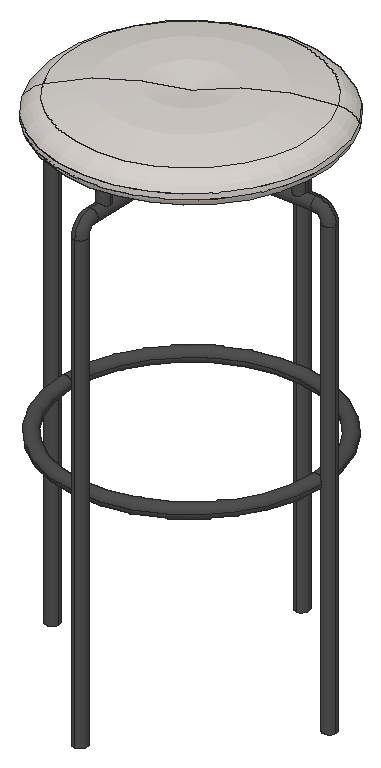
Revit family "Circular_Stools_BIM", category Arredi, Revit 2023
Family settings
  Numero OmniClass = 23.40.20.00
  Titolo OmniClass = General Furniture and Specialties
  Basato su piano di lavoro = No
  Attiva taglio nelle viste = No
  Sempre verticale = Sì
  Taglio con vuoti quando caricato = No
  Origine composizione di rendering = Geometria famiglia
  Condiviso = No
  Punto di calcolo locali = No
Parameters (values of type "CB-263")
  height leg = HEIGHT - 60 mm  # 744 mm
  WEIGHT = 0.00 kg
  URL = "https://bassamfellows.com/"
  TECHNICAL SHEET = "https://bassamfellows.com/entry.cfm?id=85"
  STRUCTURE MATERIAL = BASSAM_FELLOWS_MATT_BLACK_BP
  SEAT 40 cm VISIBILITY = yes
  PRODUCT SHEET = "https://www.archiproducts.com/en/products/bassamfellows/upholstered-bar-stool-with-steel-base-circular-bar-stool_446397"
  PRODUCT CODE = "CB-263"
  Modello = "Circular Bar Stool"
  Produttore = "BassamFellows"
  MATERIAL DESCRIPTION = "Tubular stainless steel base. Foam upholstery with double topstitch. CARB2 plywood inner frame."  # constant formula
  HEIGHT = 804 mm
  Descrizione = "Upholstered bar stool with steel base"
  Prospetto di default = 0 mm
  DIAMETER = 400 mm
  COLLECTION = "CIRCULAR"  # constant formula
  CB-263 VISIBILITY = yes
  CB-262 VISIBILITY = no
  CB-260 VISIBILITY = no
  BIM USER MANUAL = "https://bimcad.edilportale.com/BASSAMFELLOWS-BIM-USER-MANUAL-BassamFellows-bim.pdf"
  BIM BADGE = "https://bim.archiproducts.com/it/badge/bim-archiproducts-featured_658700/about"
  BIM AUTHOR = "https://bim.archiproducts.com/"
  BASE MATERIAL = BASSAM_FELLOWS_COACH_LEATHER_11073_PLAEGRAY
  AVAILABLE FINISHES = "Black powder coat finish (BP), or satin nickel (SN), satin brass (SB), bronze (BZ) or gunmetal (GM) nanoceramic coated tubular steel."  # constant formula
  ACCESSORIES = ""
Types (3, lengths in mm): name | height leg | SEAT 40 cm VISIBILITY | PRODUCT SHEET | PRODUCT CODE | Modello | HEIGHT | Descrizione | DIAMETER | CB-263 VISIBILITY | CB-262 VISIBILITY | CB-260 VISIBILITY
  CB-260 | 400 | no | "https://www.archiproducts.com/en/products/bassamfellows/upholstered-stool-with-steel-base-circular-stool_446395" | "CB-260" | "Circular Stool" | 460 | "Upholstered stool with steel base" | 450 | no | no | yes
  CB-262 | 590 | yes | "https://www.archiproducts.com/en/products/bassamfellows/upholstered-counter-stool-with-steel-base-circular-counter-stool_446396" | "CB-262" | "Circular Counter Stool" | 650 | "Upholstered counter stool with steel base" | 400 | no | yes | no
  CB-263 | 744 | yes | "https://www.archiproducts.com/en/products/bassamfellows/upholstered-bar-stool-with-steel-base-circular-bar-stool_446397" | "CB-263" | "Circular Bar Stool" | 804 | "Upholstered bar stool with steel base" | 400 | yes | no | no
Reference planes
  plane 1 "Center (Front/Back)": y = 0
  plane 2: z = 0
  plane 3 "Center (Left/Right)": x = 0
  plane 4: z = 0
  plane 5: z = 804
  plane 6: z = 744
Forms (mm)
  Revolve 1, solid, material "BASSAM_FELLOWS_COACH_LEATHER_11073_PLAEGRAY" <- "BASE MATERIAL", visible <- "CB-260 VISIBILITY", detail levels fine
    sketch origin (-4.442, -1.19, 0) x (0.866025, 0.5, 0) y (0, 0, 1)
      loop
        arc (0, 800.501) -> (-93.821, 807.806) -> (-187.76, 802.206) r 686.228
        arc (-187.76, 802.206) -> (-209.504, 796.348) -> (-224.847, 779.864) r 40.883
        line (-224.847, 779.864) -> (-224.847, 771.815)
        arc (-224.847, 771.815) -> (-214.595, 758.956) -> (-198.879, 754.108) r 27.895
        line (-198.879, 754.108) -> (0, 754.108) -> (0, 800.501)
      axis (0, 802.206) -> (0, 754.108)
    angle from 0 to 360
  Extrusion 2, solid, material "BASSAM_FELLOWS_MATT_BLACK_BP" <- "STRUCTURE MATERIAL", visible <- "CB-260 VISIBILITY", detail levels fine
    sketch origin (-4.442, -1.19, 0) x (0.866025, 0.5, 0) y (-0.5, 0.866025, 0)
      loop
        circle (-143.827, 83.005) r 9.5
      loop
        circle (146.42, 80.098) r 9.5
      loop
        circle (3.789, -165.788) r 9.5
    from 377.626 to 410.097
  Sweep 3, solid, material "BASSAM_FELLOWS_MATT_BLACK_BP" <- "STRUCTURE MATERIAL", visible <- "CB-260 VISIBILITY", detail levels fine
    path origin (0, 0, 0) x (1, 0, 0) y (0, 0, 1)
      loop
        line (0, 709) -> (-217.442, 709)
        arc (-217.442, 709) -> (-224.513, 706.071) -> (-227.442, 699) r 10
        line (-227.442, 699) -> (-227.442, 0)
    profile origin (-108.721, 0, 709) x (0, 0, -1) y (0, -1, 0)
      loop
        circle (-10, 1.23) r 10
  Sweep 4, solid, material "BASSAM_FELLOWS_MATT_BLACK_BP" <- "STRUCTURE MATERIAL", visible <- "CB-260 VISIBILITY", detail levels fine
    path origin (1.066, -1.846, 0) x (-0.5, -0.866025, 0) y (0, 0, 1)
      loop
        line (0, 709) -> (-217.442, 709)
        arc (-217.442, 709) -> (-224.513, 706.071) -> (-227.442, 699) r 10
        line (-227.442, 699) -> (-227.442, 0)
    profile origin (55.426, 92.309, 709) x (0, 0, -1) y (-0.866025, 0.5, 0)
      loop
        circle (-10, 1.23) r 10
  Sweep 5, solid, material "BASSAM_FELLOWS_MATT_BLACK_BP" <- "STRUCTURE MATERIAL", visible <- "CB-260 VISIBILITY", detail levels fine
    path origin (-1.066, -1.846, 0) x (-0.5, 0.866025, 0) y (0, 0, 1)
      loop
        line (0, 709) -> (-217.442, 709)
        arc (-217.442, 709) -> (-224.513, 706.071) -> (-227.442, 699) r 10
        line (-227.442, 699) -> (-227.442, 0)
    profile origin (53.295, -96.001, 709) x (0, 0, -1) y (0.866025, 0.5, 0)
      loop
        circle (-10, 1.23) r 10
  Extrusion 6, solid, detail levels medium
    sketch origin (0, 0, 0) x (1, 0, 0) y (0, 1, 0)
      loop
        circle (-5, 0) r 225
    from 744 to 804
  Extrusion 7, solid, detail levels medium
    sketch origin (0, 0, 0) x (1, 0, 0) y (0, 1, 0)
      loop
        circle (-5, 0) r 200
    from 0 to 744
Cuts and joins
  joined: Extrusion 2, Sweep 3, Sweep 4, Sweep 5
Lines and regions (mm)
  symbolic lines, detail levels coarse
    curve 1: circle (-5, 0, 0) r 225 normal (0, 0, 1)
    curve 2: line (-229.831, 8.723, 0) -> (-237.451, 8.723, 0)
    curve 3: line (-237.451, -11.23, 0) -> (-229.72, -11.23, 0)
    curve 4: arc (-237.451, 8.723, 0) -> (-247.428, -1.254, 0) -> (-237.451, -11.23, 0) r 9.977
    curve 5: line (117.056, 189.265, 0) -> (120.866, 195.864, 0)
    curve 6: line (103.586, 205.841, 0) -> (99.72, 199.145, 0)
    curve 7: arc (120.866, 195.864, 0) -> (117.215, 209.492, 0) -> (103.586, 205.841, 0) r 9.977
    curve 8: line (103.796, -196.948, 0) -> (107.607, -203.547, 0)
    curve 9: line (124.887, -193.57, 0) -> (121.021, -186.875, 0)
    curve 10: arc (107.607, -203.547, 0) -> (121.235, -207.199, 0) -> (124.887, -193.57, 0) r 9.977
  symbolic lines, visible <- "CB-262 VISIBILITY", detail levels coarse
    curve 11: line (0, 8.28, 0) -> (0, -10.782, 0)
  symbolic lines, visible <- "CB-260 VISIBILITY", detail levels coarse
    curve 12: line (-105.479, 0, 470.985) -> (0, 0, 470.985)
    curve 13: line (0, 0, 410.047) -> (-200, 0, 410.047)
    curve 14: line (-229.289, 0, 427.815) -> (-229.289, 0, 435.864)
    curve 15: arc (-229.289, 0, 435.864) -> (-220.126, 0, 448.187) -> (-206.648, 0, 455.545) r 35.854
    curve 16: arc (-206.648, 0, 455.545) -> (-156.576, 0, 466.621) -> (-105.479, 0, 470.985) r 387.329
    curve 17: arc (-200, 0, 410.047) -> (-217.129, 0, 414.837) -> (-229.289, 0, 427.815) r 33.025
    curve 18: line (-179.979, 0, 410.047) -> (-179.979, 0, 383.806)
    curve 19: line (-161.082, 0, 410.047) -> (-161.082, 0, 385.097)
    curve 20: line (72.234, 0, 410.047) -> (72.234, 0, 385.097)
    curve 21: line (91.813, 0, 410.047) -> (91.813, 0, 385.097)
    curve 22: line (-217.442, 0, 385.097) -> (103.721, 0, 385.097)
    curve 23: line (-217.442, 0, 365.097) -> (101.22, 0, 365.097)
    curve 24: line (-227.442, 0, 0) -> (-227.442, 0, 355.097)
    curve 25: line (-227.442, 0, 0) -> (-247.442, 0, 0)
    curve 26: line (-247.442, 0, 0) -> (-247.442, 0, 355.097)
    curve 27: line (108.721, 0, 0) -> (128.721, 0, 0)
    curve 28: line (128.721, 0, 0) -> (128.721, 0, 360.097)
    curve 29: line (108.721, 0, 0) -> (108.721, 0, 357.596)
    curve 30: line (100.479, 0, 470.985) -> (0, 0, 470.985)
    curve 31: line (0, 0, 410.047) -> (195, 0, 410.047)
    curve 32: line (224.289, 0, 427.815) -> (224.289, 0, 435.864)
    curve 33: arc (224.289, 0, 435.864) -> (215.126, 0, 448.187) -> (201.648, 0, 455.545) r 35.854
    curve 34: arc (201.648, 0, 455.545) -> (151.576, 0, 466.621) -> (100.479, 0, 470.985) r 387.329
    curve 35: arc (195, 0, 410.047) -> (212.129, 0, 414.837) -> (224.289, 0, 427.815) r 33.025
    curve 36: arc (-227.442, 0, 355.097) -> (-224.513, 0, 362.168) -> (-217.442, 0, 365.097) r 10
    curve 37: arc (-247.442, 0, 355.097) -> (-238.655, 0, 376.31) -> (-217.442, 0, 385.097) r 30
    curve 38: arc (101.22, 0, 365.097) -> (106.524, 0, 362.9) -> (108.721, 0, 357.596) r 7.501
    curve 39: arc (103.721, 0, 385.097) -> (121.399, 0, 377.774) -> (128.721, 0, 360.097) r 25
Dimensions and locks
  "HEIGHT": plane 5 to level
  locked: plane 5 to plane 6 at 60
  aligned and locked: level to plane 2
  aligned and locked: plane 5 to Extrusion 6
  aligned and locked: Extrusion 6 to plane 6
  aligned and locked: Extrusion 7 to Extrusion 6
  aligned and locked: nested 2 to nested 1
Automatic sketch dimensions
  plane 1 "Center (Front/Back)" to curve 1 = 0 mm
  plane 1 "Center (Front/Back)" to curve 4 = 1.254 mm
  curve 4 to plane 3 "Center (Left/Right)" = 237.451 mm
  curve 1 to plane 3 "Center (Left/Right)" = 5 mm
  plane 3 "Center (Left/Right)" to curve 6 = 103.586 mm
  plane 3 "Center (Left/Right)" to curve 8 = 107.607 mm
  curve 6 to curve 7 = 8.64 mm
  curve 8 to curve 10 = 8.64 mm
  curve 7 to curve 5 = 8.64 mm
  curve 10 to curve 9 = 8.64 mm
  curve 3 to curve 4 = 9.977 mm
  plane 1 "Center (Front/Back)" to curve 9 = 193.57 mm
  curve 10 to curve 9 = 4.988 mm
  curve 5 to plane 1 "Center (Front/Back)" = 195.864 mm
  curve 5 to curve 7 = 4.988 mm
  curve 2 to curve 2 = 7.62 mm
  curve 6 to curve 6 = 3.866 mm
  curve 8 to curve 8 = 3.81 mm
  curve 5 to curve 7 = 3.81 mm
  curve 9 to curve 9 = 3.866 mm
  curve 9 to curve 9 = 6.696 mm
  curve 5 to curve 7 = 6.6 mm
  plane 1 "Center (Front/Back)" to Extrusion 2 sketch curve = 1.22 mm
  Extrusion 2 sketch curve to plane 3 "Center (Left/Right)" = 170.502 mm
  Extrusion 2 sketch curve to Extrusion 2 sketch curve = 147.616 mm
  Extrusion 2 sketch curve to Extrusion 2 sketch curve = 142.631 mm
  Extrusion 2 sketch curve to Extrusion 2 sketch curve = 2.907 mm
  Extrusion 2 sketch curve to Extrusion 2 sketch curve = 245.886 mm
  plane 1 "Center (Front/Back)" to Extrusion 6 sketch curve = 0 mm
  Extrusion 6 sketch curve to plane 3 "Center (Left/Right)" = 5 mm
  Extrusion 7 sketch curve to Extrusion 7 sketch curve = 0 mm  (x2)
  plane 1 "Center (Front/Back)" to Extrusion 7 sketch curve = 0 mm
  Extrusion 7 sketch curve to plane 3 "Center (Left/Right)" = 5 mm
  Extrusion 7 sketch curve to Extrusion 7 sketch curve = 200 mm
  curve 36 to curve 37 = 0 mm  (x2)
  curve 25 to level = 0 mm
  curve 30 to plane 3 "Center (Left/Right)" = 0 mm
  curve 31 to plane 3 "Center (Left/Right)" = 0 mm
  curve 27 to level = 0 mm
  curve 16 to plane 3 "Center (Left/Right)" = 98.142 mm
  curve 12 to curve 12 = 105.479 mm
  curve 15 to curve 16 = 91.125 mm
  curve 13 to curve 15 = 3.396 mm
  curve 22 to curve 13 = 17.442 mm
  curve 24 to curve 36 = 10 mm
  curve 14 to curve 17 = 29.289 mm
  curve 26 to curve 24 = 20 mm
  plane 3 "Center (Left/Right)" to curve 34 = 93.142 mm
  plane 3 "Center (Left/Right)" to curve 30 = 100.479 mm
  plane 3 "Center (Left/Right)" to curve 38 = 101.22 mm
  curve 38 to curve 39 = 2.501 mm
  curve 34 to curve 27 = 15.579 mm
  curve 27 to curve 27 = 20 mm
  curve 39 to curve 33 = 62.883 mm
  curve 33 to curve 31 = 3.396 mm
  curve 35 to curve 32 = 29.289 mm
  level to curve 16 = 83.726 mm
  level to curve 34 = 83.726 mm
  curve 16 to curve 24 = 271.371 mm
  curve 39 to curve 31 = 49.951 mm
  curve 35 to curve 33 = 11.08 mm
  curve 17 to curve 15 = 11.08 mm
  curve 15 to curve 14 = 6.688 mm
  curve 33 to curve 32 = 6.688 mm
  curve 32 to curve 32 = 8.049 mm
  curve 14 to curve 14 = 8.049 mm
  curve 21 to curve 30 = 60.937 mm
  curve 17 to curve 19 = 38.918 mm
  curve 18 to curve 19 = 18.896 mm
  curve 20 to curve 22 = 31.487 mm
  curve 20 to curve 21 = 19.579 mm
  curve 18 to curve 19 = 1.291 mm
  plane 6 to Revolve 1 sketch curve = 27.815 mm
  plane 6 to Revolve 1 sketch curve = 10.108 mm
  Revolve 1 sketch curve to Revolve 1 sketch curve = 25.968 mm
  Revolve 1 sketch curve to Revolve 1 sketch curve = 10.472 mm
  level to Revolve 1 sketch curve = 121.606 mm
  Revolve 1 sketch curve to Revolve 1 sketch curve = 98.824 mm
  Revolve 1 sketch curve to Revolve 1 sketch curve = 188.408 mm
  Revolve 1 sketch curve to Revolve 1 sketch curve = 7.221 mm
  Revolve 1 sketch curve to Revolve 1 sketch curve = 8.049 mm
  Revolve 1 sketch curve to plane 5 = 3.499 mm
  Revolve 1 sketch curve to Revolve 1 sketch curve = 0 mm
  Revolve 1 sketch curve to level = 440.494 mm
  plane 5 to Revolve 1 sketch curve = 1537.414 mm
  Sweep 3 sketch curve to level = 0 mm
  Sweep 3 sketch curve to plane 3 "Center (Left/Right)" = 0 mm
  Sweep 3 sketch curve to plane 6 = 35 mm
  Sweep 3 sketch curve to plane 3 "Center (Left/Right)" = 217.442 mm
  Sweep 3 sketch curve to Sweep 3 sketch curve = 10 mm
  plane 1 "Center (Front/Back)" to Sweep 3 sketch curve = 1.23 mm
  profile plane to Sweep 3 sketch curve = 10 mm
  level to Sweep 4 sketch curve = 0 mm
  Sweep 4 sketch curve to plane 6 = 45 mm
  Sweep 4 sketch curve to Sweep 4 sketch curve = 10 mm
  Sweep 4 sketch curve to Sweep 4 sketch curve = 217.442 mm
  profile plane to Sweep 4 sketch curve = 1.23 mm
  profile plane to Sweep 4 sketch curve = 10 mm
  level to Sweep 5 sketch curve = 0 mm
  Sweep 5 sketch curve to plane 6 = 45 mm
  Sweep 5 sketch curve to Sweep 5 sketch curve = 10 mm
  Sweep 5 sketch curve to Sweep 5 sketch curve = 217.442 mm
  profile plane to Sweep 5 sketch curve = 1.23 mm
  profile plane to Sweep 5 sketch curve = 10 mm
  curve 11 to level = 0 mm
  plane 1 "Center (Front/Back)" to curve 11 = 10.782 mm
  curve 11 to plane 1 "Center (Front/Back)" = 8.28 mm
  radius of Extrusion 2 sketch curve = 9.5 mm  (x3)
  radius of Extrusion 6 sketch curve = 225 mm
  radius of Sweep 3 sketch curve = 10 mm
  radius of Sweep 4 sketch curve = 10 mm
  radius of Sweep 5 sketch curve = 10 mm
Nested families
  nested 1: "CIRCULAR_STOOL_SEAT" at (0, 0, 744), visible <- "SEAT 40 cm VISIBILITY", type "CIRCULAR_STOOL_SEAT"
  nested 2: "CIRCULAR_STOOL_LEG" at (0, 0, 0), visible <- "CB-262 VISIBILITY", type "CIRCULAR_STOOL_LEG", detail levels fine
    with Hight leh 744 mm
  nested 3: "CIRCULAR_STOOL_LEG623" at (0, 0, 0), visible <- "CB-263 VISIBILITY", type "CIRCULAR_STOOL_LEG623", detail levels fine
Definition of nested family "CIRCULAR_STOOL_SEAT"
  Parameters (values of type "CIRCULAR_STOOL_SEAT")
    material = none
    Default Elevation = 0 mm
    CB-260 VISIBILITY = yes
  Reference planes
    plane 1 "Centro (Fronte/Retro)": y = 0
    plane 2: z = 0
    plane 3 "Centro (Sinistra/Destra)": x = 0
    plane 4: z = 0
    plane 5: z = 60
  Forms (mm)
    Revolve 1, solid, material <- "material", visible <- "CB-260 VISIBILITY", detail levels fine
      sketch origin (0.532, -1.173, -740.027) x (0.866025, 0.5, 0) y (0, 0, 1)
        loop
          arc (0, 792.334) -> (-89.188, 800.853) -> (-177.611, 786.42) r 349.521
          arc (-177.611, 786.42) -> (-192.098, 778.64) -> (-202.347, 765.783) r 40.883
          line (-202.347, 765.783) -> (-202.347, 757.734)
          arc (-202.347, 757.734) -> (-192.095, 744.875) -> (-176.379, 740.027) r 27.895
          line (-176.379, 740.027) -> (0, 740.027) -> (0, 792.334)
        axis (0, 792.334) -> (0, 740.027)
      angle from 0 to 360
    Extrusion 2, solid, detail levels medium
      sketch origin (0, 0, 0) x (1, 0, 0) y (0, 1, 0)
        loop
          circle (0, 0) r 201.813
      from -10.201 to 60
  Lines and regions (mm)
    symbolic lines, detail levels coarse
      curve 1: line (0, 0, 0) -> (-176.379, 0, 0)
      curve 2: line (-202.347, 0, 25.756) -> (-202.347, 0, 17.707)
      curve 3: arc (0, 0, 52.307) -> (-89.188, 0, 60.826) -> (-177.611, 0, 46.393) r 349.521
      curve 4: arc (-177.611, 0, 46.393) -> (-192.098, 0, 38.614) -> (-202.347, 0, 25.756) r 40.883
      curve 5: arc (-176.379, 0, 0) -> (-192.095, 0, 4.848) -> (-202.347, 0, 17.707) r 27.895
      curve 6: circle (0, 0, 0) r 201.813 normal (0, 0, 1)
      curve 7: line (0, 0, 0) -> (176.379, 0, 0)
      curve 8: line (202.347, 0, 25.756) -> (202.347, 0, 17.707)
      curve 9: arc (0, 0, 52.307) -> (89.188, 0, 60.826) -> (177.611, 0, 46.393) r 349.521
      curve 10: arc (177.611, 0, 46.393) -> (192.098, 0, 38.614) -> (202.347, 0, 25.756) r 40.883
      curve 11: arc (176.379, 0, 0) -> (192.095, 0, 4.848) -> (202.347, 0, 17.707) r 27.895
  Dimensions and locks
    locked: plane 5 to plane 4 at 60
    aligned and locked: level to plane 2
    aligned and locked: Extrusion 2 to plane 5
Definition of nested family "CIRCULAR_STOOL_LEG"
  Parameters (values of type "CIRCULAR_STOOL_LEG")
    material = none
    Hight leh = 590 mm
    Default Elevation = 0 mm
  Reference planes
    plane 1 "Centro (Fronte/Retro)": y = 0
    plane 2: z = 0
    plane 3 "Centro (Sinistra/Destra)": x = 0
    plane 4: z = 590
    plane 5: z = 544.973
    plane 6: z = 545
    plane 7: z = 561.25
  Forms (mm)
    Sweep 1, solid, material <- "material", detail levels fine
      path origin (0, 0, 0) x (1, 0, 0) y (0, 0, 1)
        loop
          line (-200, 0) -> (-200, 534.973)
          arc (-200, 534.973) -> (-197.071, 542.044) -> (-190, 544.973) r 10
          line (-190, 544.973) -> (190, 544.973)
          arc (190, 544.973) -> (197.071, 542.044) -> (200, 534.973) r 10
          line (200, 534.973) -> (200, 0)
      profile origin (0, 0, 544.973) x (0, 0, 1) y (0, -1, 0)
        loop
          circle (10.002, 0) r 10
    Sweep 2, solid, material <- "material", detail levels fine
      path origin (0, 0, 0) x (0, -1, 0) y (0, 0, 1)
        loop
          line (-200, 0) -> (-200, 535)
          arc (-200, 535) -> (-197.071, 542.071) -> (-190, 545) r 10
          line (-190, 545) -> (190, 545)
          arc (190, 545) -> (197.071, 542.071) -> (200, 535) r 10
          line (200, 535) -> (200, 0)
      profile origin (0, 0, 545) x (0, 0, 1) y (-1, 0, 0)
        loop
          circle (10.002, 0) r 10
    Sweep 3, solid, material <- "material", detail levels fine
      path origin (0, 0, -150.825) x (1, 0, 0) y (0, 1, 0)
        loop
          circle (0, 0) r 200.002
      profile origin (0, 200.002, -150.825) x (0, -1, 0) y (0, 0, 1)
        loop
          circle (10.001, 342.656) r 10
    Extrusion 4, solid, material <- "material", detail levels fine
      sketch origin (0, 0, 0) x (1, 0, 0) y (0, 1, 0)
        loop
          circle (0, 164.967) r 9.5
        loop
          circle (0, -164.967) r 9.5
        loop
          circle (-164.967, 0) r 9.5
        loop
          circle (164.967, 0) r 9.5
      from 561.25 to 590
  Lines and regions (mm)
    symbolic lines, detail levels coarse
      curve 1: line (0, 0, 545.002) -> (-190.002, 0, 545.002)
      curve 2: line (-200.002, 0, 0) -> (-220.002, 0, 0)
      curve 3: line (-220.002, 0, 0) -> (-220.002, 0, 534.973)
      curve 4: line (-200.002, 0, 0) -> (-200.002, 0, 535.002)
      curve 5: arc (-190.002, 0, 545.002) -> (-197.073, 0, 542.073) -> (-200.002, 0, 535.002) r 10
      curve 6: line (-190.002, 0, 564.973) -> (0.255, 0, 564.973)
      curve 7: arc (-220.002, 0, 534.973) -> (-211.215, 0, 556.187) -> (-190.002, 0, 564.973) r 30
      curve 8: line (0, 0, 545.002) -> (190.002, 0, 545.002)
      curve 9: line (200.002, 0, 0) -> (220.002, 0, 0)
      curve 10: line (220.002, 0, 0) -> (220.002, 0, 534.973)
      curve 11: line (200.002, 0, 0) -> (200.002, 0, 535.002)
      curve 12: arc (190.002, 0, 545.002) -> (197.073, 0, 542.073) -> (200.002, 0, 535.002) r 10
      curve 13: line (190.002, 0, 564.973) -> (0.255, 0, 564.973)
      curve 14: arc (220.002, 0, 534.973) -> (211.215, 0, 556.187) -> (190.002, 0, 564.973) r 30
      curve 15: line (10, 0, 0) -> (-10, 0, 0)
      curve 16: line (-10, 0, 0) -> (-10, 0, 545.002)
      curve 17: line (10, 0, 0) -> (10, 0, 545.002)
      curve 18: line (-175.002, 0, 564.973) -> (-175.002, 0, 590)
      curve 19: line (-175.002, 0, 590) -> (-155.467, 0, 590)
      curve 20: line (-155.467, 0, 590) -> (-155.467, 0, 564.973)
      curve 21: line (-9.5, 0, 590) -> (9.5, 0, 590)
      curve 22: line (-9.5, 0, 590) -> (-9.5, 0, 564.973)
      curve 23: line (9.5, 0, 590) -> (9.5, 0, 564.973)
      curve 24: line (155.467, 0, 590) -> (174.467, 0, 590)
      curve 25: line (174.467, 0, 590) -> (174.467, 0, 564.973)
      curve 26: line (155.467, 0, 590) -> (155.467, 0, 564.973)
    symbolic lines
      curve 27: line (0, 190.002, 545.323) -> (0, 0, 545.323)
      curve 28: line (0, 190.002, 565.323) -> (0, 0, 565.323)
      curve 29: line (0, 200.002, 0) -> (0, 220.002, 0)
      curve 30: line (0, 200.002, 0) -> (0, 200.002, 535.323)
      curve 31: line (0, 220.002, 0) -> (0, 220.002, 535.323)
      curve 32: line (0, 9.5, 590) -> (0, 9.5, 0)
      curve 33: line (0, 9.5, 0) -> (0, -10, 0)
      curve 34: line (0, -10, 0) -> (0, -10, 590)
      curve 35: line (0, -10, 590) -> (0, 9.5, 590)
      curve 36: arc (0, 200.002, 535.323) -> (0, 197.073, 542.394) -> (0, 190.002, 545.323) r 10
      curve 37: arc (0, 220.002, 535.323) -> (0, 211.215, 556.536) -> (0, 190.002, 565.323) r 30
      curve 38: line (0, -190.002, 545.323) -> (0, 0, 545.323)
      curve 39: line (0, -190.002, 565.323) -> (0, 0, 565.323)
      curve 40: line (0, -200.002, 0) -> (0, -220.002, 0)
      curve 41: line (0, -200.002, 0) -> (0, -200.002, 535.323)
      curve 42: line (0, -220.002, 0) -> (0, -220.002, 535.323)
      curve 43: arc (0, -200.002, 535.323) -> (0, -197.073, 542.394) -> (0, -190.002, 545.323) r 10
      curve 44: arc (0, -220.002, 535.323) -> (0, -211.215, 556.536) -> (0, -190.002, 565.323) r 30
      curve 45: line (0, 174.467, 590) -> (0, 155.467, 590)
      curve 46: line (0, 155.467, 590) -> (0, 155.467, 565.323)
      curve 47: line (0, 174.467, 590) -> (0, 174.467, 565.323)
      curve 48: line (0, -155.467, 590) -> (0, -174.467, 590)
      curve 49: line (0, -174.467, 590) -> (0, -174.467, 565.323)
      curve 50: line (0, -155.467, 590) -> (0, -155.467, 565.323)
  Dimensions and locks
    "Hight leh": plane 4 to level
    locked: plane 4 to plane 5 at 45.027
    locked: plane 4 to plane 6 at 45
    locked: plane 4 to plane 7 at 28.75
    aligned and locked: level to plane 2
    aligned and locked: Sweep 1 sketch curve to plane 5
    aligned and locked: plane 6 to Sweep 2 sketch curve
    aligned and locked: plane 4 to Extrusion 4
    aligned and locked: Extrusion 4 to plane 7
  Automatic sketch dimensions
    Sweep 1 sketch curve to level = 0 mm  (x2)
    Sweep 1 sketch curve to plane 5 = 10 mm  (x2)
    Sweep 1 sketch curve to plane 3 "Centro (Sinistra/Destra)" = 200 mm
    plane 3 "Centro (Sinistra/Destra)" to Sweep 1 sketch curve = 190 mm
    Sweep 1 sketch curve to plane 1 "Centro (Fronte/Retro)" = 0 mm
    Sweep 1 sketch curve to profile plane = 10.002 mm
    Sweep 2 sketch curve to level = 0 mm  (x2)
    Sweep 2 sketch curve to Sweep 2 sketch curve = 380 mm
    profile plane to Sweep 2 sketch curve = 0 mm
    Sweep 2 sketch curve to profile plane = 10.002 mm
    Sweep 2 sketch curve to Sweep 2 sketch curve = 10 mm  (x2)
    plane 1 "Centro (Fronte/Retro)" to Sweep 3 sketch curve = 0 mm
    Sweep 3 sketch curve to plane 3 "Centro (Sinistra/Destra)" = 0 mm
    Sweep 3 sketch curve to profile plane = 10.001 mm
    level to Sweep 3 sketch curve = 191.831 mm
    plane 1 "Centro (Fronte/Retro)" to Extrusion 4 sketch curve = 0 mm  (x2)
    Extrusion 4 sketch curve to plane 3 "Centro (Sinistra/Destra)" = 0 mm  (x2)
    Extrusion 4 sketch curve to plane 3 "Centro (Sinistra/Destra)" = 164.967 mm
    plane 3 "Centro (Sinistra/Destra)" to Extrusion 4 sketch curve = 164.967 mm
    plane 1 "Centro (Fronte/Retro)" to Extrusion 4 sketch curve = 164.967 mm
    Extrusion 4 sketch curve to plane 1 "Centro (Fronte/Retro)" = 164.967 mm
    curve 3 to level = 0 mm
    curve 18 to plane 4 = 0 mm
    curve 15 to level = 0 mm
    curve 22 to plane 4 = 0 mm
    curve 26 to plane 4 = 0 mm
    curve 11 to level = 0 mm
    curve 21 to plane 3 "Centro (Sinistra/Destra)" = 9.5 mm
    curve 16 to plane 3 "Centro (Sinistra/Destra)" = 10 mm
    curve 20 to curve 21 = 145.967 mm
    curve 19 to curve 19 = 19.535 mm
    curve 7 to curve 18 = 15 mm
    curve 5 to curve 7 = 0 mm
    curve 4 to curve 5 = 10 mm
    curve 2 to curve 2 = 20 mm
    plane 3 "Centro (Sinistra/Destra)" to curve 8 = 0 mm
    plane 3 "Centro (Sinistra/Destra)" to curve 6 = 0.255 mm
    plane 3 "Centro (Sinistra/Destra)" to curve 21 = 9.5 mm
    plane 3 "Centro (Sinistra/Destra)" to curve 17 = 10 mm
    curve 21 to curve 26 = 145.967 mm
    curve 24 to curve 24 = 19 mm
    plane 7 to curve 13 = 3.723 mm
    curve 25 to curve 13 = 15.535 mm
    curve 12 to curve 14 = 0 mm
    curve 12 to curve 11 = 10 mm
    curve 11 to curve 10 = 20 mm
    curve 7 to curve 4 = 0.029 mm
    curve 36 to curve 37 = 0 mm  (x2)
    curve 43 to curve 44 = 0 mm  (x2)
    curve 40 to level = 0 mm
    curve 50 to plane 4 = 0 mm
    curve 33 to level = 0 mm
    curve 34 to plane 4 = 0 mm
    curve 38 to plane 1 "Centro (Fronte/Retro)" = 0 mm
    curve 28 to plane 1 "Centro (Fronte/Retro)" = 0 mm
    curve 46 to plane 4 = 0 mm
    curve 29 to level = 0 mm
    plane 1 "Centro (Fronte/Retro)" to curve 34 = 10 mm
    curve 48 to curve 34 = 164.467 mm
    plane 7 to curve 39 = 4.073 mm
    curve 39 to curve 49 = 15.535 mm
    curve 41 to curve 43 = 10 mm
    curve 42 to curve 40 = 20 mm
    curve 32 to plane 1 "Centro (Fronte/Retro)" = 9.5 mm
    curve 32 to curve 46 = 145.967 mm
    curve 45 to curve 47 = 19 mm
    curve 47 to curve 37 = 15.535 mm
    curve 36 to curve 30 = 10 mm
    curve 48 to curve 48 = 19 mm
    radius of Sweep 1 sketch curve = 10 mm
    radius of Sweep 2 sketch curve = 10 mm
    radius of Sweep 3 sketch curve = 200.002 mm
    radius of Sweep 3 sketch curve = 10 mm
    radius of Extrusion 4 sketch curve = 9.5 mm  (x4)
Definition of nested family "CIRCULAR_STOOL_LEG623"
  Parameters (values of type "CIRCULAR_STOOL_LEG623")
    material = none
    Hight leh = 744 mm
    Default Elevation = 0 mm
  Reference planes
    plane 1 "Centro (Fronte/Retro)": y = 0
    plane 2: z = 0
    plane 3 "Centro (Sinistra/Destra)": x = 0
    plane 4: z = 744
    plane 5: z = 698.973
    plane 6: z = 699
    plane 7: z = 715.25
  Forms (mm)
    Sweep 1, solid, material <- "material", detail levels fine
      path origin (0, 0, 0) x (1, 0, 0) y (0, 0, 1)
        loop
          line (-200, 0) -> (-200, 688.973)
          arc (-200, 688.973) -> (-197.071, 696.044) -> (-190, 698.973) r 10
          line (-190, 698.973) -> (190, 698.973)
          arc (190, 698.973) -> (197.071, 696.044) -> (200, 688.973) r 10
          line (200, 688.973) -> (200, 0)
      profile origin (0, 0, 698.973) x (0, 0, 1) y (0, -1, 0)
        loop
          circle (10.002, 0) r 10
    Sweep 2, solid, material <- "material", detail levels fine
      path origin (0, 0, 0) x (0, -1, 0) y (0, 0, 1)
        loop
          line (-200, 0) -> (-200, 689)
          arc (-200, 689) -> (-197.071, 696.071) -> (-190, 699) r 10
          line (-190, 699) -> (190, 699)
          arc (190, 699) -> (197.071, 696.071) -> (200, 689) r 10
          line (200, 689) -> (200, 0)
      profile origin (0, 0, 699) x (0, 0, 1) y (-1, 0, 0)
        loop
          circle (10.002, 0) r 10
    Sweep 3, solid, material <- "material", detail levels fine
      path origin (0, 0, -10.825) x (1, 0, 0) y (0, 1, 0)
        loop
          circle (0, 0) r 200.002
      profile origin (0, 200.002, -10.825) x (0, -1, 0) y (0, 0, 1)
        loop
          circle (10.001, 342.656) r 10
    Extrusion 4, solid, material <- "material", detail levels fine
      sketch origin (0, 0, 0) x (1, 0, 0) y (0, 1, 0)
        loop
          circle (0, 164.967) r 9.5
        loop
          circle (0, -164.967) r 9.5
        loop
          circle (-164.967, 0) r 9.5
        loop
          circle (164.967, 0) r 9.5
      from 715.25 to 744
  Lines and regions (mm)
    symbolic lines, detail levels coarse
      curve 1: line (0, 0, 699.002) -> (-190.002, 0, 699.002)
      curve 2: line (-200.002, 0, 0) -> (-220.002, 0, 0)
      curve 3: line (-220.002, 0, 0) -> (-220.002, 0, 688.973)
      curve 4: line (-200.002, 0, 0) -> (-200.002, 0, 689.002)
      curve 5: arc (-190.002, 0, 699.002) -> (-197.073, 0, 696.073) -> (-200.002, 0, 689.002) r 10
      curve 6: line (-190.002, 0, 718.973) -> (0.255, 0, 718.973)
      curve 7: arc (-220.002, 0, 688.973) -> (-211.215, 0, 710.187) -> (-190.002, 0, 718.973) r 30
      curve 8: line (0, 0, 699.002) -> (190.002, 0, 699.002)
      curve 9: line (200.002, 0, 0) -> (220.002, 0, 0)
      curve 10: line (220.002, 0, 0) -> (220.002, 0, 688.973)
      curve 11: line (200.002, 0, 0) -> (200.002, 0, 689.002)
      curve 12: arc (190.002, 0, 699.002) -> (197.073, 0, 696.073) -> (200.002, 0, 689.002) r 10
      curve 13: line (190.002, 0, 718.973) -> (0.255, 0, 718.973)
      curve 14: arc (220.002, 0, 688.973) -> (211.215, 0, 710.187) -> (190.002, 0, 718.973) r 30
      curve 15: line (10, 0, 0) -> (-10, 0, 0)
      curve 16: line (-10, 0, 0) -> (-10, 0, 699.002)
      curve 17: line (10, 0, 0) -> (10, 0, 699.002)
      curve 18: line (-175.002, 0, 718.973) -> (-175.002, 0, 744)
      curve 19: line (-175.002, 0, 744) -> (-155.467, 0, 744)
      curve 20: line (-155.467, 0, 744) -> (-155.467, 0, 718.973)
      curve 21: line (-9.5, 0, 744) -> (9.5, 0, 744)
      curve 22: line (-9.5, 0, 744) -> (-9.5, 0, 718.973)
      curve 23: line (9.5, 0, 744) -> (9.5, 0, 718.973)
      curve 24: line (155.467, 0, 744) -> (174.467, 0, 744)
      curve 25: line (174.467, 0, 744) -> (174.467, 0, 718.973)
      curve 26: line (155.467, 0, 744) -> (155.467, 0, 718.973)
    symbolic lines
      curve 27: line (0, 190.002, 699.323) -> (0, 0, 699.323)
      curve 28: line (0, 190.002, 719.323) -> (0, 0, 719.323)
      curve 29: line (0, 200.002, 0) -> (0, 220.002, 0)
      curve 30: line (0, 200.002, 0) -> (0, 200.002, 689.323)
      curve 31: line (0, 220.002, 0) -> (0, 220.002, 689.323)
      curve 32: line (0, 9.5, 744) -> (0, 9.5, 0)
      curve 33: line (0, 9.5, 0) -> (0, -10, 0)
      curve 34: line (0, -10, 0) -> (0, -10, 744)
      curve 35: line (0, -10, 744) -> (0, 9.5, 744)
      curve 36: arc (0, 200.002, 689.323) -> (0, 197.073, 696.394) -> (0, 190.002, 699.323) r 10
      curve 37: arc (0, 220.002, 689.323) -> (0, 211.215, 710.536) -> (0, 190.002, 719.323) r 30
      curve 38: line (0, -190.002, 699.323) -> (0, 0, 699.323)
      curve 39: line (0, -190.002, 719.323) -> (0, 0, 719.323)
      curve 40: line (0, -200.002, 0) -> (0, -220.002, 0)
      curve 41: line (0, -200.002, 0) -> (0, -200.002, 689.323)
      curve 42: line (0, -220.002, 0) -> (0, -220.002, 689.323)
      curve 43: arc (0, -200.002, 689.323) -> (0, -197.073, 696.394) -> (0, -190.002, 699.323) r 10
      curve 44: arc (0, -220.002, 689.323) -> (0, -211.215, 710.536) -> (0, -190.002, 719.323) r 30
      curve 45: line (0, 174.467, 744) -> (0, 155.467, 744)
      curve 46: line (0, 155.467, 744) -> (0, 155.467, 719.323)
      curve 47: line (0, 174.467, 744) -> (0, 174.467, 719.323)
      curve 48: line (0, -155.467, 744) -> (0, -174.467, 744)
      curve 49: line (0, -174.467, 744) -> (0, -174.467, 719.323)
      curve 50: line (0, -155.467, 744) -> (0, -155.467, 719.323)
  Dimensions and locks
    "Hight leh": plane 4 to level
    locked: plane 4 to plane 5 at 45.027
    locked: plane 4 to plane 6 at 45
    locked: plane 4 to plane 7 at 28.75
    aligned and locked: level to plane 2
    aligned and locked: Sweep 1 sketch curve to plane 5
    aligned and locked: plane 6 to Sweep 2 sketch curve
    aligned and locked: plane 4 to Extrusion 4
    aligned and locked: Extrusion 4 to plane 7
  Automatic sketch dimensions
    Sweep 1 sketch curve to level = 0 mm  (x2)
    Sweep 1 sketch curve to plane 5 = 10 mm  (x2)
    Sweep 1 sketch curve to plane 3 "Centro (Sinistra/Destra)" = 200 mm
    plane 3 "Centro (Sinistra/Destra)" to Sweep 1 sketch curve = 190 mm
    Sweep 1 sketch curve to plane 1 "Centro (Fronte/Retro)" = 0 mm
    Sweep 1 sketch curve to profile plane = 10.002 mm
    Sweep 2 sketch curve to level = 0 mm  (x2)
    Sweep 2 sketch curve to Sweep 2 sketch curve = 380 mm
    profile plane to Sweep 2 sketch curve = 0 mm
    Sweep 2 sketch curve to profile plane = 10.002 mm
    Sweep 2 sketch curve to Sweep 2 sketch curve = 10 mm  (x2)
    plane 1 "Centro (Fronte/Retro)" to Sweep 3 sketch curve = 0 mm
    Sweep 3 sketch curve to plane 3 "Centro (Sinistra/Destra)" = 0 mm
    Sweep 3 sketch curve to profile plane = 10.001 mm
    level to Sweep 3 sketch curve = 331.831 mm
    plane 1 "Centro (Fronte/Retro)" to Extrusion 4 sketch curve = 0 mm  (x2)
    Extrusion 4 sketch curve to plane 3 "Centro (Sinistra/Destra)" = 0 mm  (x2)
    Extrusion 4 sketch curve to plane 3 "Centro (Sinistra/Destra)" = 164.967 mm
    plane 3 "Centro (Sinistra/Destra)" to Extrusion 4 sketch curve = 164.967 mm
    plane 1 "Centro (Fronte/Retro)" to Extrusion 4 sketch curve = 164.967 mm
    Extrusion 4 sketch curve to plane 1 "Centro (Fronte/Retro)" = 164.967 mm
    curve 3 to level = 0 mm
    curve 18 to plane 4 = 0 mm
    curve 15 to level = 0 mm
    curve 22 to plane 4 = 0 mm
    curve 26 to plane 4 = 0 mm
    curve 11 to level = 0 mm
    curve 21 to plane 3 "Centro (Sinistra/Destra)" = 9.5 mm
    curve 16 to plane 3 "Centro (Sinistra/Destra)" = 10 mm
    curve 20 to curve 21 = 145.967 mm
    curve 19 to curve 19 = 19.535 mm
    curve 7 to curve 18 = 15 mm
    curve 5 to curve 7 = 0 mm
    curve 4 to curve 5 = 10 mm
    curve 2 to curve 2 = 20 mm
    plane 3 "Centro (Sinistra/Destra)" to curve 8 = 0 mm
    plane 3 "Centro (Sinistra/Destra)" to curve 6 = 0.255 mm
    plane 3 "Centro (Sinistra/Destra)" to curve 21 = 9.5 mm
    plane 3 "Centro (Sinistra/Destra)" to curve 17 = 10 mm
    curve 21 to curve 26 = 145.967 mm
    curve 24 to curve 24 = 19 mm
    plane 7 to curve 13 = 3.723 mm
    curve 25 to curve 13 = 15.535 mm
    curve 12 to curve 14 = 0 mm
    curve 12 to curve 11 = 10 mm
    curve 11 to curve 10 = 20 mm
    curve 7 to curve 4 = 0.029 mm
    curve 36 to curve 37 = 0 mm  (x2)
    curve 43 to curve 44 = 0 mm  (x2)
    curve 40 to level = 0 mm
    curve 50 to plane 4 = 0 mm
    curve 33 to level = 0 mm
    curve 34 to plane 4 = 0 mm
    curve 38 to plane 1 "Centro (Fronte/Retro)" = 0 mm
    curve 28 to plane 1 "Centro (Fronte/Retro)" = 0 mm
    curve 46 to plane 4 = 0 mm
    curve 29 to level = 0 mm
    plane 1 "Centro (Fronte/Retro)" to curve 34 = 10 mm
    curve 48 to curve 34 = 164.467 mm
    plane 7 to curve 39 = 4.073 mm
    curve 39 to curve 49 = 15.535 mm
    curve 41 to curve 43 = 10 mm
    curve 42 to curve 40 = 20 mm
    curve 32 to plane 1 "Centro (Fronte/Retro)" = 9.5 mm
    curve 32 to curve 46 = 145.967 mm
    curve 45 to curve 47 = 19 mm
    curve 47 to curve 37 = 15.535 mm
    curve 36 to curve 30 = 10 mm
    curve 48 to curve 48 = 19 mm
    radius of Sweep 1 sketch curve = 10 mm
    radius of Sweep 2 sketch curve = 10 mm
    radius of Sweep 3 sketch curve = 200.002 mm
    radius of Sweep 3 sketch curve = 10 mm
    radius of Extrusion 4 sketch curve = 9.5 mm  (x4)
